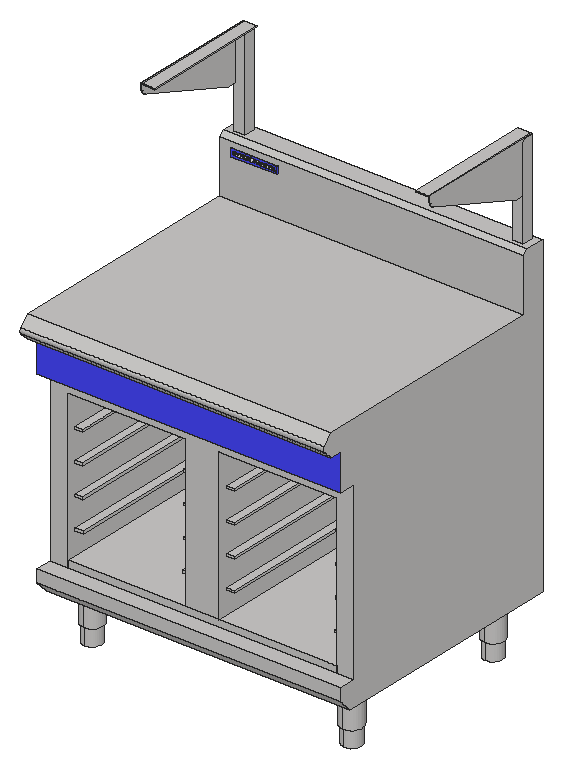
Revit family "QF_MOFFAT_BLUESEAL_CE_B90S-CB", category Specialty Equipment, Revit 2012
Parameters
  Weight in Pounds = 205  # constant formula
  Width [instance] = 900.00 mm  # constant formula
  URL Cutsheet = "www.moffat.com"
  URL = "www.moffat.com"
  Type Mark [instance] = ""
  Status [instance] = ""
  Specification by User [instance] = ""
  Specification by Manufacturer = ""
  Show Logo [instance] = yes
  Show Clearance [instance] = yes
  Show Casters [instance] = no
  Serial Number = ""
  Seismic Rating = ""
  SMACNA No = ""
  Revision Code [instance] = ""
  Omniclass Number and Title = ""
  NAFEM Spec ID Number = ""
  Model = "B90S-CB"
  Masterspec = ""
  Manufacturer = "MOFFAT BLUESEAL"
  Legs [instance] = not(Show Casters)  # yes
  Item Number [instance] = ""
  Installed By [instance] = ""
  Identify Quantity as Lot [instance] = yes
  Height = 1085.00 mm  # constant formula
  Furnished By [instance] = ""
  Foodservice Equipment Identifier [instance] = yes
  Description = "900MM BENCH TOP ON CABINET BASE"
  Depth [instance] = 812.00 mm  # constant formula
  CSI MasterFormat = ""
  CSI Master Format = ""
  Body Finish [instance] = QF_Finishes_Stainless Steel
  Back Splash [instance] = 57.00 mm  # constant formula
Reference planes
  plane 1 "BACK": y = 0
  plane 2: z = 0
  plane 3 "LEFT": x = 0
  plane 4 "RIGHT": x = 900
  plane 5 "FRONT": y = -812
  plane 6 "TOP": z = 972
  plane 7 "Center Y": x = 450
  plane 8 "Center X": y = -406
  plane 9 "Base Height": z = 150
  plane 10: z = 915
  plane 11: x = 65
  plane 12: y = -625
  plane 13: y = -100
  plane 14: z = 1085
Forms (mm)
  Revolve 1, solid, material "QF_Finishes_Stainless Steel"
    sketch origin (65, -728, 0) x (0, 1, 0) y (0, 0, 1)
      loop
        line (71.25, 150) -> (71.25, 50) -> (75.5, 50) -> (75.5, 0) -> (103, 0) -> (103, 150) -> (71.25, 150)
      axis (103, 150) -> (103, 0)
    angle from 0 to 360
  Revolve 2, solid, material "QF_Finishes_Stainless Steel"
    sketch origin (834, -728, 0) x (0, 1, 0) y (0, 0, -1)
      loop
        line (71.25, -150) -> (103, -150) -> (103, 0) -> (75.5, 0) -> (75.5, -50) -> (71.25, -50) -> (71.25, -150)
      axis (103, -150) -> (103, 0)
    angle from 0 to 360
  Extrusion 3, solid, material "QF_Finishes_Stainless Steel"
    sketch origin (0, -70, 1085.255) x (0, 0, -1) y (1, 0, 0)
      loop
        line (862.755, 50) -> (398.255, 50) -> (398.255, 0) -> (862.755, 0) -> (862.755, 50)
      loop
        line (862.755, 850) -> (862.755, 900) -> (398.255, 900) -> (398.255, 850) -> (862.755, 850)
      loop
        line (843.255, 400) -> (843.255, 500) -> (398.255, 500) -> (398.255, 400) -> (843.255, 400)
    from 0 to 629
  Extrusion 4, solid, material "QF_Finishes_Stainless Steel"
    sketch origin (0, -70, 1085.255) x (0, 0, -1) y (1, 0, 0)
      loop
        line (684.568, 50) -> (684.568, 75) -> (678.218, 75) -> (678.218, 50) -> (684.568, 50)
      loop
        line (588.218, 75) -> (588.218, 50) -> (594.568, 50) -> (594.568, 75) -> (588.218, 75)
      loop
        line (774.568, 52.455) -> (774.568, 77.455) -> (768.218, 77.455) -> (768.218, 52.455) -> (774.568, 52.455)
      loop
        line (498.218, 75) -> (498.218, 50) -> (504.568, 50) -> (504.568, 75) -> (498.218, 75)
      loop
        line (684.568, 400) -> (678.218, 400) -> (678.218, 375) -> (684.568, 375) -> (684.568, 400)
      loop
        line (588.218, 375) -> (594.568, 375) -> (594.568, 400) -> (588.218, 400) -> (588.218, 375)
      loop
        line (774.568, 397.545) -> (768.218, 397.545) -> (768.218, 372.545) -> (774.568, 372.545) -> (774.568, 397.545)
      loop
        line (498.218, 375) -> (504.568, 375) -> (504.568, 400) -> (498.218, 400) -> (498.218, 375)
    from 0 to 604
  Revolve 5, solid, material "QF_Finishes_Stainless Steel", visible <- "Show Casters"
    sketch origin (15.776, -99.755, -13.653) x (1, 0, 0) y (0, 0, 1)
      loop
        line (14.841, 63.604) -> (83.584, 63.604) -> (83.584, 67.109) -> (82.314, 68.379) -> (80.79, 68.379) -> (80.79, 71.826) -> (68.644, 71.826) -> (68.644, 81.79) -> (65.088, 83.843) -> (63.738, 92.179) -> (65.881, 92.179) -> (65.881, 98.529) -> (65.088, 98.529) -> (65.088, 104.879)
        arc (65.088, 104.879) -> (62.298, 111.614) -> (55.563, 114.404) r 9.525
        line (55.563, 114.404) -> (42.863, 114.404)
        arc (42.863, 114.404) -> (36.127, 111.614) -> (33.338, 104.879) r 9.525
        line (33.338, 104.879) -> (33.338, 98.529) -> (32.544, 98.529) -> (32.544, 92.179) -> (34.687, 92.179) -> (33.352, 83.932) -> (29.782, 81.871) -> (29.782, 71.826) -> (17.635, 71.826) -> (17.635, 68.379) -> (16.111, 68.379) -> (14.841, 67.109) -> (14.841, 63.604)
      axis (14.841, 63.604) -> (83.584, 63.604)
    angle from 0 to 360
  Extrusion 6, solid, material "QF_Finishes_Stainless Steel", visible <- "Show Casters"
    sketch origin (71.501, 133.353, -8.783) x (0, 1, 0) y (0, 0, 1)
      loop
        line (-201.603, 118.783) -> (-265.103, 118.783) -> (-252.746, 53.895)
        arc (-252.746, 53.895) -> (-233.353, 38.783) -> (-213.959, 53.895) r 20
        line (-213.959, 53.895) -> (-201.603, 118.783)
    from -35.667 to 22.923
  Revolve 7, solid, material "QF_Finishes_Stainless Steel", visible <- "Show Casters"
    sketch origin (65, -203, 0) x (0, 1, 0) y (0, 0, 1)
      loop
        line (67.25, 150) -> (67.25, 110) -> (103, 110) -> (103, 150) -> (67.25, 150)
      axis (103, 150) -> (103, 110)
    angle from 0 to 360
  Revolve 8, solid, material "QF_Finishes_Stainless Steel", visible <- "Show Casters"
    sketch origin (834, -203, 0) x (0, 1, 0) y (0, 0, -1)
      loop
        line (67.25, -150) -> (103, -150) -> (103, -110) -> (67.25, -110) -> (67.25, -150)
      axis (103, -150) -> (103, -110)
    angle from 0 to 360
  Revolve 9, solid, material "QF_Finishes_Stainless Steel", visible <- "Show Casters"
    sketch origin (784.776, -99.755, -13.653) x (1, 0, 0) y (0, 0, 1)
      loop
        line (14.841, 63.604) -> (83.584, 63.604) -> (83.584, 67.109) -> (82.314, 68.379) -> (80.79, 68.379) -> (80.79, 71.826) -> (68.644, 71.826) -> (68.644, 81.79) -> (65.088, 83.843) -> (63.738, 92.179) -> (65.881, 92.179) -> (65.881, 98.529) -> (65.088, 98.529) -> (65.088, 104.879)
        arc (65.088, 104.879) -> (62.298, 111.614) -> (55.563, 114.404) r 9.525
        line (55.563, 114.404) -> (42.863, 114.404)
        arc (42.863, 114.404) -> (36.127, 111.614) -> (33.338, 104.879) r 9.525
        line (33.338, 104.879) -> (33.338, 98.529) -> (32.544, 98.529) -> (32.544, 92.179) -> (34.687, 92.179) -> (33.352, 83.932) -> (29.782, 81.871) -> (29.782, 71.826) -> (17.635, 71.826) -> (17.635, 68.379) -> (16.111, 68.379) -> (14.841, 67.109) -> (14.841, 63.604)
      axis (14.841, 63.604) -> (83.584, 63.604)
    angle from 0 to 360
  Extrusion 10, solid, material "QF_Finishes_Stainless Steel", visible <- "Show Casters"
    sketch origin (840.501, 133.353, -8.783) x (0, 1, 0) y (0, 0, 1)
      loop
        line (-201.603, 118.783) -> (-265.103, 118.783) -> (-252.746, 53.895)
        arc (-252.746, 53.895) -> (-233.353, 38.783) -> (-213.959, 53.895) r 20
        line (-213.959, 53.895) -> (-201.603, 118.783)
    from -35.667 to 22.923
  Revolve 11, solid, material "QF_Finishes_Stainless Steel", visible <- "Legs"
    sketch origin (65, -165, 0) x (0, 1, 0) y (0, 0, 1)
      loop
        line (33.25, 150) -> (33.25, 50) -> (37.5, 50) -> (37.5, 0) -> (65, 0) -> (65, 150) -> (33.25, 150)
      axis (65, 150) -> (65, 0)
    angle from 0 to 360
  Revolve 12, solid, material "QF_Finishes_Stainless Steel", visible <- "Legs"
    sketch origin (834, -165, 0) x (0, 1, 0) y (0, 0, -1)
      loop
        line (33.25, -150) -> (65, -150) -> (65, 0) -> (37.5, 0) -> (37.5, -50) -> (33.25, -50) -> (33.25, -150)
      axis (65, -150) -> (65, 0)
    angle from 0 to 360
  Extrusion 13, solid, material "QF_Finishes_Stainless Steel"
    sketch origin (0, -70, 1085.255) x (0, 0, -1) y (1, 0, 0)
      loop
        line (862.755, 50) -> (862.755, 850) -> (843.255, 850) -> (843.255, 50) -> (862.755, 50)
    from 0 to 629
  Extrusion 14, solid, material "QF_Finishes_Stainless Steel"
    sketch origin (900, -70, 1085.255) x (0, 0, -1) y (1, 0, 0)
      loop
        line (684.568, -50) -> (678.218, -50) -> (678.218, -75) -> (684.568, -75) -> (684.568, -50)
      loop
        line (588.218, -75) -> (594.568, -75) -> (594.568, -50) -> (588.218, -50) -> (588.218, -75)
      loop
        line (774.568, -52.455) -> (768.218, -52.455) -> (768.218, -77.455) -> (774.568, -77.455) -> (774.568, -52.455)
      loop
        line (498.218, -75) -> (504.568, -75) -> (504.568, -50) -> (498.218, -50) -> (498.218, -75)
      loop
        line (684.568, -400) -> (684.568, -375) -> (678.218, -375) -> (678.218, -400) -> (684.568, -400)
      loop
        line (588.218, -375) -> (588.218, -400) -> (594.568, -400) -> (594.568, -375) -> (588.218, -375)
      loop
        line (774.568, -397.545) -> (774.568, -372.545) -> (768.218, -372.545) -> (768.218, -397.545) -> (774.568, -397.545)
      loop
        line (498.218, -375) -> (498.218, -400) -> (504.568, -400) -> (504.568, -375) -> (498.218, -375)
    from 0 to 604
  Extrusion 15, solid, material "QF_Finishes_Stainless Steel"
    sketch origin (0, 0, 0) x (0, 1, 0) y (0, 0, 1)
      loop
        line (-70, 222.5) -> (-749, 222.5) -> (-749, 186) -> (-713, 150) -> (0, 150) -> (0, 1085.5) -> (-57, 1085.5) -> (-70, 1072.5) -> (-70, 915) -> (-783.97, 915) -> (-808.485, 890.485)
        arc (-808.485, 890.485) -> (-811.999, 882) -> (-808.485, 873.515) r 12
        line (-808.485, 873.515) -> (-784.97, 850) -> (-749, 850) -> (-749, 740) -> (-699, 740) -> (-699, 687) -> (-70, 687) -> (-70, 222.5)
    from 0 to 900
  Extrusion 16, solid, material "QF_Finishes_Stainless Steel" <- "Body Finish"
    sketch origin (0, 0, 158) x (0, 1, 0) y (0, 0, 1)
      loop
        line (-13, 1204.5) -> (-45, 1204.5) -> (-45, 927) -> (-13, 927) -> (-13, 1204.5)
    from 21.5 to 53.5
  Extrusion 17, solid, material "QF_Finishes_Stainless Steel" <- "Body Finish"
    sketch origin (0, 0, 158) x (0, 1, 0) y (0, 0, 1)
      loop
        line (-391, 1207) -> (-391, 1194.344)
        arc (-391, 1194.344) -> (-386.541, 1180.094) -> (-374.754, 1170.927) r 25
        line (-374.754, 1170.927) -> (-70, 1057) -> (-13, 1057) -> (-13, 1207) -> (-391, 1207)
    from 21.5 to 24.592
  Extrusion 18, solid, material "QF_Finishes_Stainless Steel" <- "Body Finish"
    sketch origin (0, -45, 1362.5) x (0, 1, 0) y (-1, 0, 0)
      loop
        line (32, -24.592) -> (-346, -24.592) -> (-346, -64) -> (32, -64) -> (32, -24.592)
    from 0 to 2.5
  Extrusion 19, solid, material "QF_Finishes_Stainless Steel" <- "Body Finish"
    sketch origin (900, 0, 158) x (0, -1, 0) y (0, 0, 1)
      loop
        line (13, 1204.5) -> (13, 927) -> (45, 927) -> (45, 1204.5) -> (13, 1204.5)
    from 21.5 to 53.5
  Extrusion 20, solid, material "QF_Finishes_Stainless Steel" <- "Body Finish"
    sketch origin (900, 0, 158) x (0, -1, 0) y (0, 0, 1)
      loop
        line (391, 1207) -> (13, 1207) -> (13, 1057) -> (70, 1057) -> (374.754, 1170.927)
        arc (374.754, 1170.927) -> (386.541, 1180.094) -> (391, 1194.344) r 25
        line (391, 1194.344) -> (391, 1207)
    from 21.5 to 24.592
  Extrusion 21, solid, material "QF_Finishes_Stainless Steel" <- "Body Finish"
    sketch origin (900, -45, 1362.5) x (0, 1, 0) y (-1, 0, 0)
      loop
        line (32, 24.592) -> (32, 64) -> (-346, 64) -> (-346, 24.592) -> (32, 24.592)
    from 0 to 2.5
  Extrusion 22, solid, material "QF_Clearance", visible <- "Show Clearance", detail levels coarse
    sketch origin (0, -391, 1365) x (0, 1, 0) y (-1, 0, 0)
      loop
        line (378, -21.5) -> (0, -21.5) -> (0, -878.5) -> (378, -878.5) -> (378, -21.5)
    from 0 to 405
Cuts and joins
  joined: Extrusion 3, Extrusion 15
Lines and regions (mm)
  Split face 1
    outline origin (375, 0, 1085.5) x (-1, 0, 0) y (0, -1, 0)
      loop
        arc (342.206, 18.385) -> (350.866, 23.385) -> (350.866, 33.385) r 10
        line (350.866, 33.385) -> (346.824, 40.385)
        arc (346.824, 40.385) -> (343.164, 44.045) -> (338.164, 45.385) r 10
        line (338.164, 45.385) -> (110.206, 45.385)
        arc (110.206, 45.385) -> (101.545, 40.385) -> (101.545, 30.385) r 10
        line (101.545, 30.385) -> (105.587, 23.385)
        arc (105.587, 23.385) -> (109.247, 19.725) -> (114.247, 18.385) r 10
        line (114.247, 18.385) -> (342.206, 18.385)
  Split face 2
    outline origin (904.484, 0, 1085.5) x (-1, 0, 0) y (0, -1, 0)
      loop
        arc (271.69, 18.385) -> (280.35, 23.385) -> (280.35, 33.385) r 10
        line (280.35, 33.385) -> (276.309, 40.385)
        arc (276.309, 40.385) -> (272.649, 44.045) -> (267.649, 45.385) r 10
        line (267.649, 45.385) -> (39.69, 45.385)
        arc (39.69, 45.385) -> (31.03, 40.385) -> (31.03, 30.385) r 10
        line (31.03, 30.385) -> (35.071, 23.385)
        arc (35.071, 23.385) -> (38.731, 19.725) -> (43.731, 18.385) r 10
        line (43.731, 18.385) -> (271.69, 18.385)
  Split face 3
    outline origin (604.484, 0, 1085.5) x (-1, 0, 0) y (0, -1, 0)
      loop
        arc (271.69, 18.385) -> (280.35, 23.385) -> (280.35, 33.385) r 10
        line (280.35, 33.385) -> (276.309, 40.385)
        arc (276.309, 40.385) -> (272.649, 44.045) -> (267.649, 45.385) r 10
        line (267.649, 45.385) -> (39.69, 45.385)
        arc (39.69, 45.385) -> (31.03, 40.385) -> (31.03, 30.385) r 10
        line (31.03, 30.385) -> (35.071, 23.385)
        arc (35.071, 23.385) -> (38.731, 19.725) -> (43.731, 18.385) r 10
        line (43.731, 18.385) -> (271.69, 18.385)
  symbolic lines
    curve 1: line (0, 0, 0) -> (0, -812, 0)
    curve 2: line (900, 0, 0) -> (0, 0, 0)
    curve 3: line (900, -812, 0) -> (900, 0, 0)
    curve 4: line (0, -70, 0) -> (900, -70, 0)
    curve 5: line (0, -812, 0) -> (900, -812, 0)
    curve 14: line (36.836, -45.385, 0) -> (264.794, -45.385, 0)
    curve 15: arc (264.794, -45.385, 0) -> (273.455, -40.385, 0) -> (273.455, -30.385, 0) r 10
    curve 16: line (273.455, -30.385, 0) -> (269.413, -23.385, 0)
    curve 17: arc (269.413, -23.385, 0) -> (265.753, -19.725, 0) -> (260.753, -18.385, 0) r 10
    curve 18: line (260.753, -18.385, 0) -> (32.794, -18.385, 0)
    curve 19: arc (32.794, -18.385, 0) -> (24.134, -23.385, 0) -> (24.134, -33.385, 0) r 10
    curve 20: line (24.134, -33.385, 0) -> (28.176, -40.385, 0)
    curve 21: arc (28.176, -40.385, 0) -> (31.836, -44.045, 0) -> (36.836, -45.385, 0) r 10
    curve 22: line (636.836, -45.385, 0) -> (864.794, -45.385, 0)
    curve 23: arc (864.794, -45.385, 0) -> (873.455, -40.385, 0) -> (873.455, -30.385, 0) r 10
    curve 24: line (873.455, -30.385, 0) -> (869.413, -23.385, 0)
    curve 25: arc (869.413, -23.385, 0) -> (865.753, -19.725, 0) -> (860.753, -18.385, 0) r 10
    curve 26: line (860.753, -18.385, 0) -> (632.794, -18.385, 0)
    curve 27: arc (632.794, -18.385, 0) -> (624.134, -23.385, 0) -> (624.134, -33.385, 0) r 10
    curve 28: line (624.134, -33.385, 0) -> (628.176, -40.385, 0)
    curve 29: arc (628.176, -40.385, 0) -> (631.836, -44.045, 0) -> (636.836, -45.385, 0) r 10
    curve 30: line (336.836, -45.385, 0) -> (564.794, -45.385, 0)
    curve 31: arc (564.794, -45.385, 0) -> (573.455, -40.385, 0) -> (573.455, -30.385, 0) r 10
    curve 32: line (573.455, -30.385, 0) -> (569.413, -23.385, 0)
    curve 33: arc (569.413, -23.385, 0) -> (565.753, -19.725, 0) -> (560.753, -18.385, 0) r 10
    curve 34: line (560.753, -18.385, 0) -> (332.794, -18.385, 0)
    curve 35: arc (332.794, -18.385, 0) -> (324.134, -23.385, 0) -> (324.134, -33.385, 0) r 10
    curve 36: line (324.134, -33.385, 0) -> (328.176, -40.385, 0)
    curve 37: arc (328.176, -40.385, 0) -> (331.836, -44.045, 0) -> (336.836, -45.385, 0) r 10
    curve 42: line (21.48, -13, 0) -> (21.48, -391, 0)
    curve 43: line (63.98, -391, 0) -> (63.98, -13, 0)
    curve 44: line (63.98, -13, 0) -> (21.48, -13, 0)
    curve 45: line (878.52, -13, 0) -> (878.52, -391, 0)
    curve 46: line (878.52, -391, 0) -> (836.02, -391, 0)
    curve 47: line (836.02, -391, 0) -> (836.02, -13, 0)
    curve 48: line (836.02, -13, 0) -> (878.52, -13, 0)
    curve 49: line (63.98, -391, 0) -> (21.48, -391, 0)
  symbolic lines, style "SpecialityEquipmentHiddenLines", visible <- "Show Casters"
    curve 6: line (78.456, -47.735, 0) -> (105.952, -63.61, 0)
    curve 7: line (27.656, -135.723, 0) -> (78.456, -47.735, 0)
    curve 8: line (55.152, -151.598, 0) -> (27.656, -135.723, 0)
    curve 9: line (105.952, -63.61, 0) -> (55.152, -151.598, 0)
    curve 10: line (840.793, -47.151, 0) -> (868.289, -63.026, 0)
    curve 11: line (789.993, -135.139, 0) -> (840.793, -47.151, 0)
    curve 12: line (817.489, -151.014, 0) -> (789.993, -135.139, 0)
    curve 13: line (868.289, -63.026, 0) -> (817.489, -151.014, 0)
  symbolic lines, style "QF_Clearances", visible <- "Show Clearance", detail levels coarse
    curve 38: line (21.48, -13, 0) -> (21.48, -391, 0)
    curve 39: line (21.48, -391, 0) -> (878.52, -391, 0)
    curve 40: line (878.52, -391, 0) -> (878.52, -13, 0)
    curve 41: line (878.52, -13, 0) -> (21.48, -13, 0)
Dimensions and locks
  equal spacing: plane 3 "LEFT", plane 7 "Center Y", plane 4 "RIGHT"
  "Width": plane 3 "LEFT" to plane 4 "RIGHT"
  equal spacing: plane 5 "FRONT", plane 8 "Center X", plane 1 "BACK"
  "Depth": plane 5 "FRONT" to plane 1 "BACK"
  locked: plane 10 to level at 915
  locked: plane 9 "Base Height" to level at 150
  plane 6 "TOP" to plane 10 = 57.00 mm
  plane 12 to plane 13 = 525.00 mm
  "Height": plane 14 to level
  Revolve 5 sketch curve to Revolve 5 sketch curve = 50.80 mm
  Revolve 9 sketch curve to Revolve 9 sketch curve = 50.80 mm
  aligned and locked: level to plane 2
Automatic sketch dimensions
  Revolve 1 sketch curve to plane 9 "Base Height" = 0.00 mm
  Revolve 1 sketch curve to level = 0.00 mm
  Revolve 1 sketch curve to plane 12 = 0.00 mm  (x2)
  Revolve 1 sketch curve to plane 12 = 27.50 mm
  Revolve 1 sketch curve to plane 12 = 31.75 mm
  Revolve 1 sketch curve to Revolve 1 sketch curve = 55.00 mm
  level to Revolve 1 sketch curve = 50.00 mm
  Revolve 1 sketch curve to Revolve 1 sketch curve = 0.00 mm
  Revolve 2 sketch curve to plane 9 "Base Height" = 0.00 mm
  Revolve 2 sketch curve to level = 0.00 mm
  Revolve 2 sketch curve to plane 12 = 0.00 mm  (x2)
  Revolve 2 sketch curve to plane 12 = 27.50 mm
  Revolve 2 sketch curve to Revolve 2 sketch curve = 31.75 mm
  level to Revolve 2 sketch curve = 50.00 mm
  Revolve 2 sketch curve to Revolve 2 sketch curve = 0.00 mm
  Revolve 2 sketch curve to Revolve 2 sketch curve = 55.00 mm
  Extrusion 3 sketch curve to plane 3 "LEFT" = 0.00 mm
  plane 4 "RIGHT" to Extrusion 3 sketch curve = 0.00 mm
  plane 4 "RIGHT" to Extrusion 3 sketch curve = 50.00 mm
  Extrusion 3 sketch curve to plane 10 = 228.00 mm  (x3)
  Extrusion 3 sketch curve to plane 11 = 15.00 mm
  Extrusion 3 sketch curve to plane 7 "Center Y" = 50.00 mm
  plane 9 "Base Height" to Extrusion 3 sketch curve = 72.50 mm  (x2)
  plane 9 "Base Height" to Extrusion 3 sketch curve = 92.00 mm
  plane 7 "Center Y" to Extrusion 3 sketch curve = 50.00 mm
  Extrusion 4 sketch curve to plane 7 "Center Y" = 50.00 mm
  Extrusion 4 sketch curve to plane 10 = 327.963 mm
  plane 11 to Extrusion 4 sketch curve = 10.00 mm  (x3)
  Extrusion 4 sketch curve to Extrusion 4 sketch curve = 0.00 mm
  Extrusion 4 sketch curve to Extrusion 4 sketch curve = 6.35 mm  (x8)
  Extrusion 4 sketch curve to Extrusion 4 sketch curve = 83.65 mm  (x6)
  plane 11 to Extrusion 4 sketch curve = 12.455 mm
  Extrusion 4 sketch curve to plane 11 = 12.545 mm
  Extrusion 4 sketch curve to plane 11 = 15.00 mm  (x3)
  Extrusion 4 sketch curve to plane 7 "Center Y" = 77.455 mm
  Extrusion 4 sketch curve to plane 7 "Center Y" = 75.00 mm  (x2)
  Extrusion 4 sketch curve to Extrusion 4 sketch curve = 25.00 mm  (x4)
  plane 3 "LEFT" to Revolve 5 sketch curve = 30.618 mm
  Revolve 5 sketch curve to Revolve 5 sketch curve = 1.27 mm  (x4)
  Revolve 5 sketch curve to Revolve 5 sketch curve = 1.524 mm  (x2)
  Revolve 5 sketch curve to Revolve 5 sketch curve = 12.146 mm  (x2)
  Revolve 5 sketch curve to plane 11 = 16.68 mm
  Revolve 5 sketch curve to Revolve 5 sketch curve = 0.794 mm  (x2)
  Revolve 5 sketch curve to Revolve 5 sketch curve = 3.57 mm
  Revolve 5 sketch curve to Revolve 5 sketch curve = 2.143 mm
  Revolve 5 sketch curve to plane 11 = 6.361 mm
  plane 11 to Revolve 5 sketch curve = 5.13 mm
  plane 11 to Revolve 5 sketch curve = 6.339 mm
  plane 11 to Revolve 5 sketch curve = 14.515 mm
  Revolve 5 sketch curve to Revolve 5 sketch curve = 1.349 mm  (x2)
  Revolve 5 sketch curve to Revolve 5 sketch curve = 3.556 mm
  Revolve 5 sketch curve to Revolve 5 sketch curve = 33.32 mm
  level to Revolve 5 sketch curve = 49.952 mm
  Revolve 5 sketch curve to Revolve 5 sketch curve = 0.00 mm
  Revolve 5 sketch curve to Revolve 5 sketch curve = 3.505 mm  (x2)
  Revolve 5 sketch curve to Revolve 5 sketch curve = 3.447 mm  (x2)
  Revolve 5 sketch curve to Revolve 5 sketch curve = 9.964 mm
  Revolve 5 sketch curve to Revolve 5 sketch curve = 10.045 mm
  Revolve 5 sketch curve to Revolve 5 sketch curve = 2.053 mm
  Revolve 5 sketch curve to Revolve 5 sketch curve = 2.061 mm
  Revolve 5 sketch curve to Revolve 5 sketch curve = 8.247 mm
  Revolve 5 sketch curve to Revolve 5 sketch curve = 8.336 mm
  Revolve 5 sketch curve to Revolve 5 sketch curve = 6.35 mm  (x2)
  Extrusion 6 sketch curve to plane 13 = 0.00 mm
  Extrusion 6 sketch curve to plane 13 = 19.393 mm
  Extrusion 6 sketch curve to plane 13 = 31.75 mm
  plane 13 to Extrusion 6 sketch curve = 19.393 mm
  plane 13 to Extrusion 6 sketch curve = 31.75 mm
  level to Extrusion 6 sketch curve = 45.111 mm
  Extrusion 6 sketch curve to Extrusion 6 sketch curve = 4.889 mm
  Extrusion 6 sketch curve to plane 9 "Base Height" = 40.00 mm
  Revolve 7 sketch curve to plane 9 "Base Height" = 0.00 mm
  Revolve 7 sketch curve to plane 13 = 0.00 mm  (x2)
  Revolve 7 sketch curve to plane 13 = 35.75 mm
  Revolve 7 sketch curve to Revolve 7 sketch curve = 40.00 mm
  level to Revolve 7 sketch curve = 50.00 mm
  Revolve 7 sketch curve to level = 55.00 mm
  Revolve 8 sketch curve to plane 9 "Base Height" = 0.00 mm
  Revolve 8 sketch curve to plane 13 = 0.00 mm  (x2)
  Revolve 8 sketch curve to plane 13 = 35.75 mm
  Revolve 8 sketch curve to plane 9 "Base Height" = 40.00 mm
  level to Revolve 8 sketch curve = 50.00 mm
  Revolve 8 sketch curve to level = 55.00 mm
  level to Revolve 9 sketch curve = 49.952 mm
  plane 4 "RIGHT" to Revolve 9 sketch curve = 100.382 mm
  Revolve 9 sketch curve to Revolve 9 sketch curve = 1.27 mm  (x4)
  Revolve 9 sketch curve to Revolve 9 sketch curve = 1.524 mm  (x2)
  Revolve 9 sketch curve to Revolve 9 sketch curve = 12.146 mm  (x2)
  Revolve 9 sketch curve to Revolve 9 sketch curve = 2.762 mm
  Revolve 9 sketch curve to Revolve 9 sketch curve = 0.794 mm  (x2)
  Revolve 9 sketch curve to Revolve 9 sketch curve = 3.57 mm
  Revolve 9 sketch curve to Revolve 9 sketch curve = 2.143 mm
  Revolve 9 sketch curve to Revolve 9 sketch curve = 9.525 mm
  Revolve 9 sketch curve to Revolve 9 sketch curve = 24.572 mm
  Revolve 9 sketch curve to Revolve 9 sketch curve = 12.70 mm
  Revolve 9 sketch curve to Revolve 9 sketch curve = 8.176 mm
  Revolve 9 sketch curve to Revolve 9 sketch curve = 1.349 mm  (x2)
  Revolve 9 sketch curve to Revolve 9 sketch curve = 3.556 mm
  Revolve 9 sketch curve to plane 4 "RIGHT" = 1.68 mm
  Revolve 9 sketch curve to Revolve 9 sketch curve = 0.00 mm
  Revolve 9 sketch curve to Revolve 9 sketch curve = 3.505 mm  (x2)
  Revolve 9 sketch curve to Revolve 9 sketch curve = 3.447 mm  (x2)
  Revolve 9 sketch curve to Revolve 9 sketch curve = 9.964 mm
  Revolve 9 sketch curve to Revolve 9 sketch curve = 10.045 mm
  Revolve 9 sketch curve to Revolve 9 sketch curve = 2.053 mm
  Revolve 9 sketch curve to Revolve 9 sketch curve = 2.061 mm
  Revolve 9 sketch curve to Revolve 9 sketch curve = 8.247 mm
  Revolve 9 sketch curve to Revolve 9 sketch curve = 8.336 mm
  Revolve 9 sketch curve to Revolve 9 sketch curve = 6.35 mm  (x2)
  Extrusion 10 sketch curve to plane 13 = 0.00 mm
  Extrusion 10 sketch curve to plane 13 = 19.393 mm
  Extrusion 10 sketch curve to plane 13 = 31.75 mm
  plane 13 to Extrusion 10 sketch curve = 19.393 mm
  plane 13 to Extrusion 10 sketch curve = 31.75 mm
  level to Extrusion 10 sketch curve = 45.111 mm
  Extrusion 10 sketch curve to Extrusion 10 sketch curve = 4.889 mm
  Extrusion 10 sketch curve to plane 9 "Base Height" = 40.00 mm
  Revolve 11 sketch curve to plane 9 "Base Height" = 0.00 mm
  Revolve 11 sketch curve to level = 0.00 mm
  Revolve 11 sketch curve to plane 13 = 0.00 mm  (x2)
  Revolve 11 sketch curve to Revolve 11 sketch curve = 27.50 mm
  Revolve 11 sketch curve to Revolve 11 sketch curve = 31.75 mm
  Revolve 11 sketch curve to level = 55.00 mm
  Revolve 11 sketch curve to Revolve 11 sketch curve = 50.00 mm
  Revolve 11 sketch curve to Revolve 11 sketch curve = 0.00 mm
  Revolve 12 sketch curve to plane 9 "Base Height" = 0.00 mm
  Revolve 12 sketch curve to level = 0.00 mm
  Revolve 12 sketch curve to plane 13 = 0.00 mm  (x2)
  Revolve 12 sketch curve to Revolve 12 sketch curve = 27.50 mm
  Revolve 12 sketch curve to Revolve 12 sketch curve = 31.75 mm
  level to Revolve 12 sketch curve = 50.00 mm
  Revolve 12 sketch curve to Revolve 12 sketch curve = 0.00 mm
  Revolve 12 sketch curve to Revolve 12 sketch curve = 55.00 mm
  Extrusion 13 sketch curve to plane 11 = 15.00 mm
  plane 9 "Base Height" to Extrusion 13 sketch curve = 92.00 mm
  Extrusion 13 sketch curve to Extrusion 13 sketch curve = 19.50 mm
  plane 4 "RIGHT" to Extrusion 13 sketch curve = 50.00 mm
  plane 7 "Center Y" to Extrusion 14 sketch curve = 50.00 mm  (x3)
  Extrusion 14 sketch curve to plane 10 = 327.963 mm
  plane 4 "RIGHT" to Extrusion 14 sketch curve = 75.00 mm  (x3)
  Extrusion 14 sketch curve to Extrusion 14 sketch curve = 0.00 mm
  Extrusion 14 sketch curve to Extrusion 14 sketch curve = 6.35 mm  (x8)
  Extrusion 14 sketch curve to Extrusion 14 sketch curve = 83.65 mm  (x6)
  plane 7 "Center Y" to Extrusion 14 sketch curve = 52.455 mm
  Extrusion 14 sketch curve to Extrusion 14 sketch curve = 25.00 mm  (x8)
  plane 4 "RIGHT" to Extrusion 14 sketch curve = 77.455 mm
  Extrusion 15 sketch curve to plane 10 = 0.00 mm
  Extrusion 15 sketch curve to plane 9 "Base Height" = 0.00 mm
  Extrusion 15 sketch curve to plane 1 "BACK" = 0.00 mm
  plane 14 to Extrusion 15 sketch curve = 0.50 mm
  plane 13 to Extrusion 15 sketch curve = 43.00 mm
  plane 13 to Extrusion 15 sketch curve = 30.00 mm  (x2)
  Extrusion 15 sketch curve to plane 12 = 74.00 mm
  Extrusion 15 sketch curve to plane 12 = 88.00 mm
  Extrusion 15 sketch curve to plane 5 "FRONT" = 63.00 mm  (x2)
  Extrusion 15 sketch curve to plane 5 "FRONT" = 28.03 mm
  Extrusion 15 sketch curve to plane 5 "FRONT" = 27.03 mm
  Extrusion 15 sketch curve to plane 5 "FRONT" = 12.001 mm
  Extrusion 15 sketch curve to plane 5 "FRONT" = 3.515 mm  (x2)
  plane 9 "Base Height" to Extrusion 15 sketch curve = 36.00 mm
  plane 9 "Base Height" to Extrusion 15 sketch curve = 72.50 mm
  Extrusion 15 sketch curve to plane 10 = 228.00 mm
  Extrusion 15 sketch curve to Extrusion 15 sketch curve = 53.00 mm
  Extrusion 15 sketch curve to plane 10 = 65.00 mm
  Extrusion 15 sketch curve to Extrusion 15 sketch curve = 23.515 mm
  Extrusion 15 sketch curve to Extrusion 15 sketch curve = 8.485 mm
  Extrusion 15 sketch curve to plane 14 = 12.50 mm
  Split face 1 sketch curve to Extrusion 15 = 26.615 mm
  Split face 1 sketch curve to Extrusion 15 = 273.455 mm
  Split face 1 sketch curve to Split face 1 sketch curve = 4.041 mm  (x4)
  Split face 1 sketch curve to Split face 1 sketch curve = 8.66 mm  (x2)
  Split face 1 sketch curve to Extrusion 15 = 11.615 mm
  Split face 1 sketch curve to Extrusion 15 = 36.836 mm
  Split face 1 sketch curve to Split face 1 sketch curve = 7.00 mm  (x3)
  Split face 1 sketch curve to Split face 1 sketch curve = 17.00 mm
  Split face 2 sketch curve to Extrusion 15 = 26.545 mm
  Split face 2 sketch curve to Split face 2 sketch curve = 4.041 mm  (x4)
  Split face 2 sketch curve to Split face 2 sketch curve = 8.66 mm  (x2)
  Split face 2 sketch curve to Extrusion 15 = 11.615 mm
  Split face 2 sketch curve to Split face 2 sketch curve = 223.917 mm
  Split face 2 sketch curve to Split face 2 sketch curve = 5.00 mm
  Split face 2 sketch curve to Split face 2 sketch curve = 10.00 mm
  Split face 2 sketch curve to Split face 2 sketch curve = 7.00 mm  (x3)
  Split face 3 sketch curve to Extrusion 15 = 26.615 mm
  Split face 3 sketch curve to Extrusion 15 = 326.545 mm
  Split face 3 sketch curve to Split face 3 sketch curve = 4.041 mm  (x4)
  Split face 3 sketch curve to Split face 3 sketch curve = 8.66 mm  (x2)
  Split face 3 sketch curve to Extrusion 15 = 11.615 mm
  Split face 3 sketch curve to Split face 3 sketch curve = 223.917 mm
  Split face 3 sketch curve to Split face 3 sketch curve = 7.00 mm  (x3)
  Split face 3 sketch curve to Split face 3 sketch curve = 17.00 mm
  level to Extrusion 16 sketch curve = 1362.50 mm
  plane 1 "BACK" to Extrusion 16 sketch curve = 45.00 mm
  plane 1 "BACK" to Extrusion 16 sketch curve = 13.00 mm
  level to Extrusion 16 sketch curve = 1085.00 mm
  level to Extrusion 17 sketch curve = 1365.00 mm
  plane 8 "Center X" to Extrusion 17 sketch curve = 15.00 mm
  Extrusion 17 sketch curve to Extrusion 17 sketch curve = 16.246 mm
  level to Extrusion 17 sketch curve = 1352.344 mm
  Extrusion 17 sketch curve to Extrusion 17 sketch curve = 8.754 mm
  plane 13 to Extrusion 17 sketch curve = 30.00 mm
  plane 1 "BACK" to Extrusion 17 sketch curve = 13.00 mm
  level to Extrusion 17 sketch curve = 1215.00 mm
  Extrusion 16 to Extrusion 18 sketch curve = 0.00 mm
  Extrusion 16 to Extrusion 18 sketch curve = 3.092 mm
  Extrusion 16 to Extrusion 18 sketch curve = 346.00 mm
  Extrusion 18 sketch curve to Extrusion 16 = 10.50 mm
  level to Extrusion 19 sketch curve = 1362.50 mm
  plane 1 "BACK" to Extrusion 19 sketch curve = 13.00 mm
  Extrusion 19 sketch curve to Extrusion 19 sketch curve = 32.00 mm
  Extrusion 19 sketch curve to Extrusion 19 sketch curve = 277.50 mm
  level to Extrusion 20 sketch curve = 1365.00 mm
  plane 1 "BACK" to Extrusion 20 sketch curve = 13.00 mm
  plane 13 to Extrusion 20 sketch curve = 30.00 mm
  level to Extrusion 20 sketch curve = 1352.344 mm
  plane 8 "Center X" to Extrusion 20 sketch curve = 40.00 mm
  Extrusion 20 sketch curve to Extrusion 20 sketch curve = 8.754 mm
  plane 8 "Center X" to Extrusion 20 sketch curve = 15.00 mm
  level to Extrusion 20 sketch curve = 1215.00 mm
  plane 8 "Center X" to Extrusion 21 sketch curve = 15.00 mm
  plane 1 "BACK" to Extrusion 21 sketch curve = 13.00 mm
  plane 4 "RIGHT" to Extrusion 21 sketch curve = 24.592 mm
  Extrusion 21 sketch curve to Extrusion 21 sketch curve = 39.408 mm
  plane 8 "Center X" to Extrusion 22 sketch curve = 15.00 mm
  plane 1 "BACK" to Extrusion 22 sketch curve = 13.00 mm
  plane 4 "RIGHT" to Extrusion 22 sketch curve = 21.50 mm
  plane 3 "LEFT" to Extrusion 22 sketch curve = 21.50 mm
  plane 1 "BACK" to curve 1 = 0.00 mm
  curve 1 to plane 3 "LEFT" = 0.00 mm
  curve 3 to plane 4 "RIGHT" = 0.00 mm
  plane 5 "FRONT" to curve 5 = 0.00 mm
  plane 3 "LEFT" to curve 44 = 21.48 mm
  curve 38 to curve 20 = 2.654 mm
  plane 3 "LEFT" to curve 7 = 27.656 mm
  curve 19 to curve 20 = 4.041 mm
  curve 38 to curve 19 = 11.314 mm
  curve 20 to curve 21 = 8.66 mm
  curve 8 to plane 11 = 9.848 mm
  curve 49 to plane 11 = 1.02 mm
  plane 11 to curve 6 = 13.456 mm
  plane 1 "BACK" to curve 18 = 18.385 mm
  curve 6 to curve 18 = 154.801 mm
  curve 17 to curve 14 = 4.041 mm
  plane 1 "BACK" to curve 16 = 23.385 mm
  curve 17 to curve 16 = 8.66 mm
  curve 16 to curve 15 = 4.041 mm
  curve 16 to curve 35 = 50.679 mm
  plane 1 "BACK" to curve 36 = 40.385 mm
  curve 35 to curve 36 = 4.041 mm
  curve 35 to curve 34 = 8.66 mm
  curve 35 to curve 37 = 4.041 mm
  plane 1 "BACK" to curve 34 = 18.385 mm
  plane 7 "Center Y" to curve 34 = 110.753 mm
  curve 33 to curve 30 = 4.041 mm
  curve 33 to curve 33 = 8.66 mm
  curve 33 to curve 31 = 4.041 mm
  plane 1 "BACK" to curve 28 = 33.385 mm
  curve 32 to curve 28 = 50.679 mm
  curve 27 to curve 29 = 4.041 mm  (x2)
  curve 27 to curve 27 = 8.66 mm
  plane 4 "RIGHT" to curve 12 = 110.007 mm
  curve 12 to plane 13 = 51.014 mm
  curve 11 to curve 12 = 27.496 mm
  plane 8 "Center X" to curve 47 = 15.00 mm
  plane 4 "RIGHT" to curve 47 = 63.98 mm
  curve 47 to curve 10 = 4.773 mm
  curve 47 to curve 26 = 24.733 mm
  curve 25 to curve 23 = 4.041 mm
  plane 1 "BACK" to curve 24 = 23.385 mm
  curve 25 to curve 24 = 8.66 mm
  curve 25 to curve 24 = 4.041 mm
  curve 25 to curve 40 = 9.107 mm
  curve 9 to plane 13 = 51.598 mm
  curve 8 to curve 7 = 15.875 mm
  curve 12 to curve 12 = 15.875 mm
  plane 13 to curve 4 = 30.00 mm
  curve 15 to curve 17 = 17.00 mm
  curve 37 to curve 37 = 5.00 mm
  curve 29 to curve 27 = 12.00 mm
  curve 14 to curve 21 = 5.00 mm
  curve 28 to curve 27 = 7.00 mm
  curve 22 to curve 23 = 10.00 mm
  curve 15 to curve 17 = 7.00 mm
  curve 30 to curve 31 = 10.00 mm
  curve 36 to curve 35 = 7.00 mm
  curve 21 to curve 19 = 7.00 mm
  curve 29 to curve 27 = 7.00 mm
  curve 31 to curve 33 = 7.00 mm
  curve 19 to curve 42 = 5.385 mm
Nested families
  nested 1: "WALDORF LOGO_FACE BASE" at (32.128, -70, 1056.422) x (1, 0, 0) z (0, -1, 0), visible <- "Show Logo", type "WALDORF LOGO_FACE BASE", detail levels medium+fine
    with Show Logo yes
Definition of nested family "WALDORF LOGO_FACE BASE"
  Parameters (values of type "WALDORF LOGO_FACE BASE")
    Show Logo [instance] = yes
    Default Elevation = 1219.20 mm
  Reference planes
    plane 1 "Center (Front/Back)": y = 0
    plane 2: z = 0
    plane 3 "Center (Left/Right)": x = 0
  Forms (mm)
    Extrusion 1, solid
      sketch origin (0, 0, 0) x (1, 0, 0) y (0, 1, 0)
        loop
          line (-1219.2, 1219.2) -> (-1219.2, -1219.2) -> (1219.2, -1219.2) -> (1219.2, 1219.2) -> (-1219.2, 1219.2)
      from 0 to -304.8
    Extrusion 2, solid, material "QF_Finishes_Blue", visible <- "Show Logo"
      sketch origin (0, -33.217, 0) x (1, 0, 0) y (0, 1, 0)
        loop
          arc (138, 31.942) -> (137.626, 32.844) -> (136.724, 33.217) r 1.276
          line (136.724, 33.217) -> (1.29, 33.217)
          arc (1.29, 33.217) -> (0.378, 32.839) -> (0, 31.927) r 1.29
          line (0, 31.927) -> (0, 11.507)
          arc (0, 11.507) -> (0.378, 10.595) -> (1.29, 10.217) r 1.29
          line (1.29, 10.217) -> (136.71, 10.217)
          arc (136.71, 10.217) -> (137.622, 10.595) -> (138, 11.507) r 1.29
          line (138, 11.507) -> (138, 31.942)
      from 0 to 1.588
    Extrusion 3, solid, material "QF_Finishes_White", visible <- "Show Logo"
      sketch origin (0, -33.217, 1.588) x (1, 0, 0) y (0, 1, 0)
        loop
          arc (108.946, 25.919) -> (107.613, 25.367) -> (107.061, 24.034) r 1.885
          line (107.061, 24.034) -> (107.061, 17.211) -> (112.704, 17.211) -> (112.704, 19.129) -> (115.546, 19.129) -> (115.546, 17.211) -> (121.584, 17.211) -> (121.584, 24.075)
          arc (121.584, 24.075) -> (121.043, 25.379) -> (119.739, 25.919) r 1.845
          line (119.739, 25.919) -> (108.946, 25.919)
        loop
          line (123.478, 25.919) -> (123.478, 17.163) -> (134.904, 17.163) -> (134.904, 19.129) -> (129.246, 19.129) -> (129.246, 25.919) -> (123.478, 25.919)
        loop
          line (112.704, 21.258) -> (115.546, 21.258) -> (115.546, 22.702)
          arc (115.546, 22.702) -> (115.344, 23.188) -> (114.858, 23.389) r 0.687
          line (114.858, 23.389) -> (113.363, 23.389)
          arc (113.363, 23.389) -> (112.897, 23.196) -> (112.704, 22.73) r 0.658
          line (112.704, 22.73) -> (112.704, 21.258)
        loop
          line (105.071, 25.919) -> (93.771, 25.919) -> (93.771, 17.163) -> (105.071, 17.163) -> (105.071, 19.063) -> (99.535, 19.063) -> (99.535, 20.437) -> (105.071, 20.437) -> (105.071, 22.278) -> (99.535, 22.278) -> (99.535, 23.587) -> (105.071, 23.587) -> (105.071, 25.919)
        loop
          line (91.104, 25.919) -> (79.541, 25.919)
          arc (79.541, 25.919) -> (78.558, 25.513) -> (78.152, 24.53) r 1.389
          line (78.152, 24.53) -> (78.152, 22.08)
          arc (78.152, 22.08) -> (78.558, 21.098) -> (79.541, 20.691) r 1.389
          line (79.541, 20.691) -> (86.346, 20.691) -> (86.346, 18.864) -> (83.266, 18.864) -> (83.266, 19.664) -> (78.152, 19.664) -> (78.152, 18.553)
          arc (78.152, 18.553) -> (78.558, 17.57) -> (79.541, 17.163) r 1.389
          line (79.541, 17.163) -> (91.063, 17.163)
          arc (91.063, 17.163) -> (92.045, 17.57) -> (92.452, 18.553) r 1.389
          line (92.452, 18.553) -> (92.452, 20.691)
          arc (92.452, 20.691) -> (92.045, 21.673) -> (91.063, 22.08) r 1.389
          line (91.063, 22.08) -> (83.266, 22.08) -> (83.266, 23.984) -> (86.346, 23.984) -> (86.346, 22.743) -> (92.452, 22.743) -> (92.452, 24.571)
          arc (92.452, 24.571) -> (92.057, 25.524) -> (91.104, 25.919) r 1.348
        loop
          line (70.705, 25.919) -> (59.405, 25.919) -> (59.405, 17.163) -> (70.705, 17.163) -> (70.705, 19.063) -> (65.169, 19.063) -> (65.169, 20.437) -> (70.705, 20.437) -> (70.705, 22.278) -> (65.169, 22.278) -> (65.169, 23.587) -> (70.705, 23.587) -> (70.705, 25.919)
        loop
          line (57.598, 25.919) -> (51.7, 25.919) -> (51.7, 20.18)
          arc (51.7, 20.18) -> (50.63, 19.11) -> (49.56, 20.18) r 1.07
          line (49.56, 20.18) -> (49.56, 25.919) -> (43.663, 25.919) -> (43.663, 19.049)
          arc (43.663, 19.049) -> (44.215, 17.716) -> (45.548, 17.163) r 1.885
          line (45.548, 17.163) -> (55.71, 17.163)
          arc (55.71, 17.163) -> (57.045, 17.716) -> (57.598, 19.051) r 1.887
          line (57.598, 19.051) -> (57.598, 25.919)
        loop
          line (31.62, 25.919) -> (31.62, 17.163) -> (43.046, 17.163) -> (43.046, 19.129) -> (37.388, 19.129) -> (37.388, 25.919) -> (31.62, 25.919)
        loop
          line (15.969, 25.919) -> (15.969, 17.163) -> (28.693, 17.163)
          arc (28.693, 17.163) -> (29.812, 17.627) -> (30.276, 18.746) r 1.582
          line (30.276, 18.746) -> (30.276, 20.447) -> (29.48, 21.243) -> (30.276, 22.039) -> (30.276, 24.332)
          arc (30.276, 24.332) -> (29.811, 25.454) -> (28.688, 25.919) r 1.587
          line (28.688, 25.919) -> (15.969, 25.919)
        loop
          line (21.449, 24.159) -> (21.449, 22.436) -> (23.862, 22.436)
          arc (23.862, 22.436) -> (24.723, 23.298) -> (23.862, 24.159) r 0.861
          line (23.862, 24.159) -> (21.449, 24.159)
        loop
          line (21.449, 20.244) -> (21.449, 18.522) -> (23.862, 18.522)
          arc (23.862, 18.522) -> (24.723, 19.383) -> (23.862, 20.244) r 0.861
          line (23.862, 20.244) -> (21.449, 20.244)
      from 0 to 0.2
    Extrusion 4, solid, material "QF_Finishes_Blue", visible <- "Show Logo"
      sketch origin (-126.498, -31.09, 1.588) x (1, 0, 0) y (0, 1, 0)
        loop
          line (136.738, 23.522) -> (136.738, 15.1)
          arc (136.738, 15.1) -> (140.756, 19.311) -> (136.738, 23.522) r 4.216
      from 0 to 0.2
    Extrusion 5, solid, material "QF_Finishes_Red", visible <- "Show Logo"
      sketch origin (146.849, -31.09, 1.588) x (-1, 0, 0) y (0, -1, 0)
        loop
          arc (136.738, -23.522) -> (140.756, -19.311) -> (136.738, -15.1) r 4.216
          line (136.738, -15.1) -> (136.738, -23.522)
      from 0 to 0.2
  Lines and regions (mm)
    Split face 1
      outline origin (-90.35, -30.793, 1.588) x (1, 0, 0) y (0, 1, 0)
        loop
          circle (100.54, 19.013) r 4.536
  Dimensions and locks
    aligned and locked: plane 2 to Extrusion 1
    aligned and locked: level to Extrusion 1
